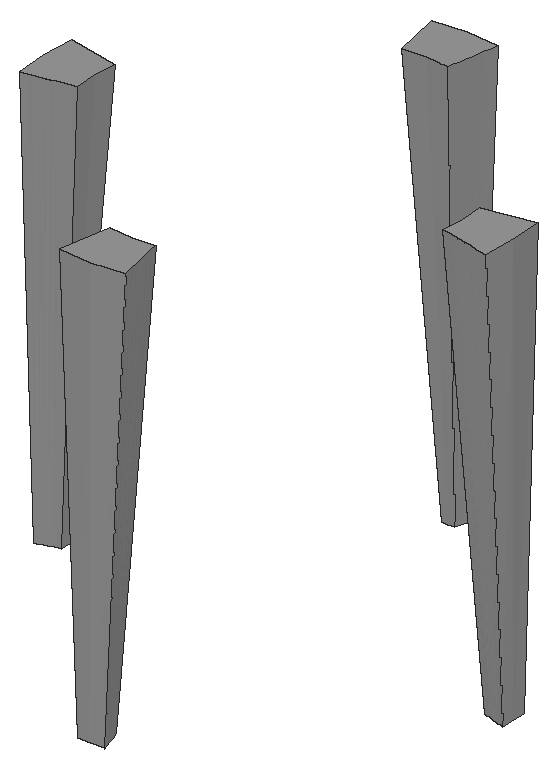
Revit family "Andreu World_Sistema SP_BM7163", category Mobiliario, Revit 2014
Parameters (values of type "BM-7163_H550_Beech")
  Wood = Andreu World SP
  URL = "https://www.andreuworld.com"
  Top Radio = 300 mm
  Top D = 600 mm
  Modelo = "Sistema SP"  # constant formula
  Height = 550 mm
  Fabricante = "Andreu World"  # constant formula
  Descripción = "Set 4 legs. 550mm height. For round tables."
  D1 int = Top D - 130 mm  # 470 mm
  D int = Top D - 60 mm  # 540 mm
Reference planes
  plane 1 "Centro (Frontal/Posterior)": y = 0
  plane 2: z = 0
  plane 3 "Centro (Izquierda/Derecha)": x = 0
  plane 4 "Legs Height": z = 550
Forms (mm)
  Blend 1, solid, material "Andreu World SP" <- "Wood", detail levels medium+fine
    base sketch origin (0, 0, 0) x (1, 0, 0) y (0, 1, 0)
      loop
        arc (-299.499, 17.336) -> (-300, 0) -> (-299.499, -17.336) r 300
        line (-299.499, -17.336) -> (-269.874, -8.262)
        arc (-269.874, -8.262) -> (-270, 0) -> (-269.874, 8.262) r 270
        line (-269.874, 8.262) -> (-299.499, 17.336)
    top sketch origin (0, 0, 0) x (1, 0, 0) y (0, 1, 0)
      loop
        arc (-297.078, 41.772) -> (-300, 0) -> (-297.078, -41.772) r 300
        line (-297.078, -41.772) -> (-233.163, -29.33)
        arc (-233.163, -29.33) -> (-235, 0) -> (-233.163, 29.33) r 235
        line (-233.163, 29.33) -> (-297.078, 41.772)
    from 0 to 550
  Blend 2, solid, material "Andreu World SP" <- "Wood", detail levels medium+fine
    base sketch origin (0, 0, 0) x (0, -1, 0) y (1, 0, 0)
      loop
        arc (-299.499, 17.336) -> (-300, 0) -> (-299.499, -17.336) r 300
        line (-299.499, -17.336) -> (-269.874, -8.262)
        arc (-269.874, -8.262) -> (-270, 0) -> (-269.874, 8.262) r 270
        line (-269.874, 8.262) -> (-299.499, 17.336)
    top sketch origin (0, 0, 0) x (0, -1, 0) y (1, 0, 0)
      loop
        arc (-297.078, 41.772) -> (-300, 0) -> (-297.078, -41.772) r 300
        line (-297.078, -41.772) -> (-233.163, -29.33)
        arc (-233.163, -29.33) -> (-235, 0) -> (-233.163, 29.33) r 235
        line (-233.163, 29.33) -> (-297.078, 41.772)
    from 0 to 550
  Blend 3, solid, material "Andreu World SP" <- "Wood", detail levels medium+fine
    base sketch origin (0, 0, 0) x (0, 1, 0) y (-1, 0, 0)
      loop
        arc (-299.499, 17.336) -> (-300, 0) -> (-299.499, -17.336) r 300
        line (-299.499, -17.336) -> (-269.874, -8.262)
        arc (-269.874, -8.262) -> (-270, 0) -> (-269.874, 8.262) r 270
        line (-269.874, 8.262) -> (-299.499, 17.336)
    top sketch origin (0, 0, 0) x (0, 1, 0) y (-1, 0, 0)
      loop
        arc (-297.078, 41.772) -> (-300, 0) -> (-297.078, -41.772) r 300
        line (-297.078, -41.772) -> (-233.163, -29.33)
        arc (-233.163, -29.33) -> (-235, 0) -> (-233.163, 29.33) r 235
        line (-233.163, 29.33) -> (-297.078, 41.772)
    from 0 to 550
  Blend 4, solid, material "Andreu World SP" <- "Wood", detail levels medium+fine
    base sketch origin (0, 0, 0) x (-1, 0, 0) y (0, -1, 0)
      loop
        arc (-299.499, 17.336) -> (-300, 0) -> (-299.499, -17.336) r 300
        line (-299.499, -17.336) -> (-269.874, -8.262)
        arc (-269.874, -8.262) -> (-270, 0) -> (-269.874, 8.262) r 270
        line (-269.874, 8.262) -> (-299.499, 17.336)
    top sketch origin (0, 0, 0) x (-1, 0, 0) y (0, -1, 0)
      loop
        arc (-297.078, 41.772) -> (-300, 0) -> (-297.078, -41.772) r 300
        line (-297.078, -41.772) -> (-233.163, -29.33)
        arc (-233.163, -29.33) -> (-235, 0) -> (-233.163, 29.33) r 235
        line (-233.163, 29.33) -> (-297.078, 41.772)
    from 0 to 550
Lines and regions (mm)
  model lines, detail levels coarse+medium
    curve 1: arc (17.336, -299.499, 0) -> (0, -300, 0) -> (-17.336, -299.499, 0) r 300
    curve 2: line (8.262, -269.874, 0) -> (17.336, -299.499, 0)
    curve 3: arc (-8.262, -269.874, 0) -> (0, -270, 0) -> (8.262, -269.874, 0) r 270
    curve 4: line (-17.336, -299.499, 0) -> (-8.262, -269.874, 0)
    curve 5: line (-29.33, -233.163, 0) -> (-41.772, -297.078, 0)
    curve 6: arc (-41.772, -297.078, 0) -> (0, -300, 0) -> (41.772, -297.078, 0) r 300
    curve 7: line (41.772, -297.078, 0) -> (29.33, -233.163, 0)
    curve 8: arc (29.33, -233.163, 0) -> (0, -235, 0) -> (-29.33, -233.163, 0) r 235
    curve 9: line (-299.499, 17.336, 0) -> (-269.874, 8.262, 0)
    curve 10: arc (-269.874, 8.262, 0) -> (-270, 0, 0) -> (-269.874, -8.262, 0) r 270
    curve 11: line (-269.874, -8.262, 0) -> (-299.499, -17.336, 0)
    curve 12: arc (-269.874, 8.262, 0) -> (-270, 0, 0) -> (-269.874, -8.262, 0) r 270
    curve 13: arc (-299.499, -17.336, 0) -> (-300, 0, 0) -> (-299.499, 17.336, 0) r 300
    curve 14: line (-297.078, -41.772, 0) -> (-233.163, -29.33, 0)
    curve 15: arc (-233.163, -29.33, 0) -> (-235, 0, 0) -> (-233.163, 29.33, 0) r 235
    curve 16: line (-233.163, 29.33, 0) -> (-297.078, 41.772, 0)
    curve 17: arc (-297.078, 41.772, 0) -> (-300, 0, 0) -> (-297.078, -41.772, 0) r 300
    curve 18: arc (-17.336, 299.499, 0) -> (0, 300, 0) -> (17.336, 299.499, 0) r 300
    curve 19: line (-8.262, 269.874, 0) -> (-17.336, 299.499, 0)
    curve 20: arc (8.262, 269.874, 0) -> (0, 270, 0) -> (-8.262, 269.874, 0) r 270
    curve 21: line (17.336, 299.499, 0) -> (8.262, 269.874, 0)
    curve 22: arc (-29.33, 233.163, 0) -> (0, 235, 0) -> (29.33, 233.163, 0) r 235
    curve 23: line (29.33, 233.163, 0) -> (41.772, 297.078, 0)
    curve 24: arc (41.772, 297.078, 0) -> (0, 300, 0) -> (-41.772, 297.078, 0) r 300
    curve 25: line (-41.772, 297.078, 0) -> (-29.33, 233.163, 0)
    curve 26: line (299.499, -17.336, 0) -> (269.874, -8.262, 0)
    curve 27: arc (269.874, -8.262, 0) -> (270, 0, 0) -> (269.874, 8.262, 0) r 270
    curve 28: line (269.874, 8.262, 0) -> (299.499, 17.336, 0)
    curve 29: arc (299.499, 17.336, 0) -> (300, 0, 0) -> (299.499, -17.336, 0) r 300
    curve 30: arc (297.078, -41.772, 0) -> (300, 0, 0) -> (297.078, 41.772, 0) r 300
    curve 31: line (297.078, 41.772, 0) -> (233.163, 29.33, 0)
    curve 32: arc (233.163, 29.33, 0) -> (235, 0, 0) -> (233.163, -29.33, 0) r 235
    curve 33: line (233.163, -29.33, 0) -> (297.078, -41.772, 0)
Dimensions and locks
  "Height": plane 4 "Legs Height" to level
  "Top D": diameter of Blend 1 sketch curve  (x2)
  "D int": diameter of Blend 1 sketch curve
  "D1 int": diameter of Blend 1 sketch curve
  "Top D": diameter of Blend 2 sketch curve  (x2)
  "D int": diameter of Blend 2 sketch curve
  "D1 int": diameter of Blend 2 sketch curve
  "Top D": diameter of Blend 3 sketch curve  (x2)
  "D int": diameter of Blend 3 sketch curve
  "D1 int": diameter of Blend 3 sketch curve
  "Top D": diameter of Blend 4 sketch curve  (x2)
  "D int": diameter of Blend 4 sketch curve
  "D1 int": diameter of Blend 4 sketch curve
  aligned and locked: level to plane 2
  aligned and locked: plane 4 "Legs Height" to Blend 1
  aligned and locked: plane 4 "Legs Height" to Blend 3
  aligned and locked: plane 4 "Legs Height" to Blend 2
  aligned and locked: plane 4 "Legs Height" to Blend 4
  aligned and locked: curve 1 to Blend 3
  aligned and locked: curve 2 to Blend 3
  aligned and locked: curve 3 to Blend 3
  aligned and locked: curve 4 to Blend 3
  aligned and locked: curve 5 to Blend 3
  aligned and locked: curve 6 to Blend 3
  aligned and locked: curve 7 to Blend 3
  aligned and locked: curve 8 to Blend 3
  aligned and locked: curve 9 to Blend 1
  aligned and locked: curve 10 to Blend 1
  aligned and locked: curve 11 to Blend 1
  aligned and locked: curve 12 to Blend 1
  aligned and locked: curve 13 to Blend 1
  aligned and locked: curve 14 to Blend 1
  aligned and locked: curve 15 to Blend 1
  aligned and locked: curve 16 to Blend 1
  aligned and locked: curve 17 to Blend 1
  aligned and locked: curve 18 to Blend 2
  aligned and locked: curve 19 to Blend 2
  aligned and locked: curve 20 to Blend 2
  aligned and locked: curve 21 to Blend 2
  aligned and locked: curve 22 to Blend 2
  aligned and locked: curve 23 to Blend 2
  aligned and locked: curve 24 to Blend 2
  aligned and locked: curve 25 to Blend 2
  aligned and locked: curve 26 to Blend 4
  aligned and locked: curve 27 to Blend 4
  aligned and locked: curve 28 to Blend 4
  aligned and locked: curve 29 to Blend 4
  aligned and locked: curve 30 to Blend 4
  aligned and locked: curve 31 to Blend 4
  aligned and locked: curve 32 to Blend 4
  aligned and locked: curve 33 to Blend 4
Automatic sketch dimensions
  plane 1 "Centro (Frontal/Posterior)" to curve 11 = 17.336 mm
  plane 1 "Centro (Frontal/Posterior)" to curve 11 = 8.262 mm
  curve 28 to plane 1 "Centro (Frontal/Posterior)" = 8.262 mm
  curve 28 to plane 1 "Centro (Frontal/Posterior)" = 17.336 mm
  Blend 1 sketch curve to Blend 1 sketch curve = 0 mm  (x8)
  plane 1 "Centro (Frontal/Posterior)" to Blend 1 sketch curve = 0 mm  (x2)
  Blend 1 sketch curve to plane 3 "Centro (Izquierda/Derecha)" = 0 mm  (x2)
  plane 1 "Centro (Frontal/Posterior)" to Blend 1 sketch curve = 8.262 mm
  plane 1 "Centro (Frontal/Posterior)" to Blend 1 sketch curve = 17.336 mm
  Blend 1 sketch curve to plane 1 "Centro (Frontal/Posterior)" = 8.262 mm
  Blend 1 sketch curve to plane 1 "Centro (Frontal/Posterior)" = 17.336 mm
  plane 1 "Centro (Frontal/Posterior)" to Blend 1 sketch curve = 29.33 mm
  plane 1 "Centro (Frontal/Posterior)" to Blend 1 sketch curve = 41.772 mm
  Blend 1 sketch curve to plane 1 "Centro (Frontal/Posterior)" = 29.33 mm
  Blend 1 sketch curve to plane 1 "Centro (Frontal/Posterior)" = 41.772 mm
  Blend 2 sketch curve to Blend 2 sketch curve = 0 mm  (x8)
  plane 1 "Centro (Frontal/Posterior)" to Blend 2 sketch curve = 0 mm  (x2)
  Blend 2 sketch curve to plane 3 "Centro (Izquierda/Derecha)" = 0 mm  (x2)
  Blend 2 sketch curve to plane 3 "Centro (Izquierda/Derecha)" = 8.262 mm
  Blend 2 sketch curve to plane 3 "Centro (Izquierda/Derecha)" = 17.336 mm
  plane 3 "Centro (Izquierda/Derecha)" to Blend 2 sketch curve = 8.262 mm
  plane 3 "Centro (Izquierda/Derecha)" to Blend 2 sketch curve = 17.336 mm
  Blend 2 sketch curve to plane 3 "Centro (Izquierda/Derecha)" = 29.33 mm
  Blend 2 sketch curve to plane 3 "Centro (Izquierda/Derecha)" = 41.772 mm
  plane 3 "Centro (Izquierda/Derecha)" to Blend 2 sketch curve = 29.33 mm
  plane 3 "Centro (Izquierda/Derecha)" to Blend 2 sketch curve = 41.772 mm
  Blend 3 sketch curve to Blend 3 sketch curve = 0 mm  (x8)
  plane 1 "Centro (Frontal/Posterior)" to Blend 3 sketch curve = 0 mm  (x2)
  Blend 3 sketch curve to plane 3 "Centro (Izquierda/Derecha)" = 0 mm  (x2)
  plane 3 "Centro (Izquierda/Derecha)" to Blend 3 sketch curve = 8.262 mm
  plane 3 "Centro (Izquierda/Derecha)" to Blend 3 sketch curve = 17.336 mm
  Blend 3 sketch curve to plane 3 "Centro (Izquierda/Derecha)" = 8.262 mm
  Blend 3 sketch curve to plane 3 "Centro (Izquierda/Derecha)" = 17.336 mm
  plane 3 "Centro (Izquierda/Derecha)" to Blend 3 sketch curve = 29.33 mm
  plane 3 "Centro (Izquierda/Derecha)" to Blend 3 sketch curve = 41.772 mm
  Blend 3 sketch curve to plane 3 "Centro (Izquierda/Derecha)" = 29.33 mm
  Blend 3 sketch curve to plane 3 "Centro (Izquierda/Derecha)" = 41.772 mm
  Blend 4 sketch curve to Blend 4 sketch curve = 0 mm  (x8)
  plane 1 "Centro (Frontal/Posterior)" to Blend 4 sketch curve = 0 mm  (x2)
  Blend 4 sketch curve to plane 3 "Centro (Izquierda/Derecha)" = 0 mm  (x2)
  Blend 4 sketch curve to plane 1 "Centro (Frontal/Posterior)" = 8.262 mm
  Blend 4 sketch curve to plane 1 "Centro (Frontal/Posterior)" = 17.336 mm
  plane 1 "Centro (Frontal/Posterior)" to Blend 4 sketch curve = 8.262 mm
  plane 1 "Centro (Frontal/Posterior)" to Blend 4 sketch curve = 17.336 mm
  Blend 4 sketch curve to plane 1 "Centro (Frontal/Posterior)" = 29.33 mm
  Blend 4 sketch curve to plane 1 "Centro (Frontal/Posterior)" = 41.772 mm
  plane 1 "Centro (Frontal/Posterior)" to Blend 4 sketch curve = 29.33 mm
  plane 1 "Centro (Frontal/Posterior)" to Blend 4 sketch curve = 41.772 mm
